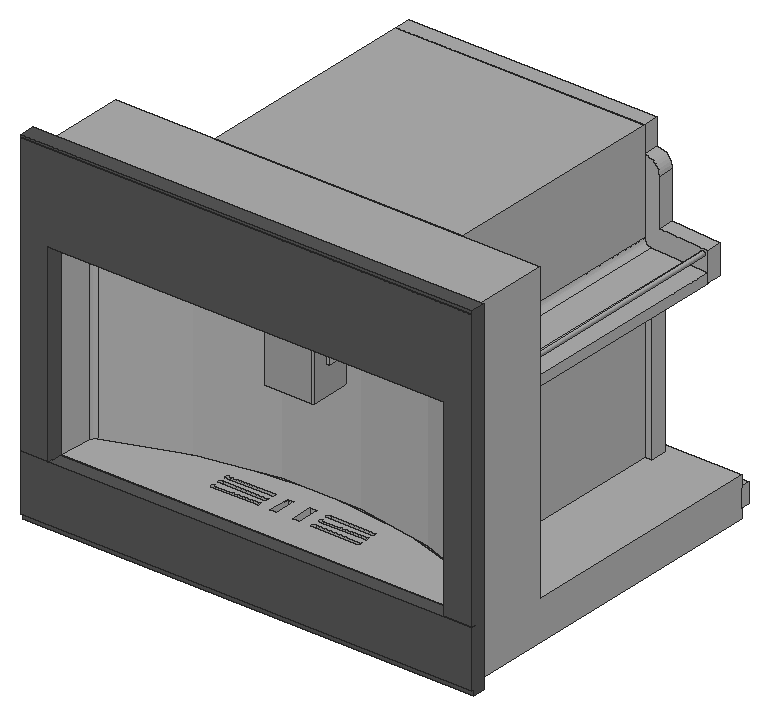
Revit family "Family-EB60MSB1-EB60MSG1", category Generic Models, Revit 2020
Family settings
  Can host rebar = No
  Round Connector Dimension = Use Diameter
  Part Type = Normal
  Work Plane-Based = No
  Always vertical = Yes
  Cut with Voids When Loaded = No
  Shared = No
  Room Calculation Point = No
Parameters (values of type "EB60MSB1")
  URL = "www.fisherpaykel.com"
  Product - width = 596 mm  # constant formula
  Product - Overall width = 596 mm  # constant formula
  Product - Overall height = 458 mm  # constant formula
  Product - Overall depth = 480 mm  # constant formula
  Model = "EB60MSB1"
  Manufacturer = "Fisher & Paykel Appliances"
  Material - Glass = Fisher & Paykel - Glass, Black
  Description = "Built-in Coffee Maker, 30cm"
  Default Elevation = 0 mm
  Connector Note = "220-240 V, 50Hz, 20 A"
  Chassis - width = 560 mm  # constant formula
  Chassis - Height = 445 mm  # constant formula
  Chassis - Depth = 460 mm  # constant formula
  Material - Chassis = Fisher & Paykel - Aluminium
  Cavity - minimum width = 560 mm  # constant formula
  Cavity - minimum height = 450 mm  # constant formula
  Cavity - minimum depth = 545 mm  # constant formula
Types (3, lengths in mm): name | Model | Material - Glass
  (no name) | "EB60MSB1" | Fisher & Paykel - Glass, Black
  EB60MSB1 | "EB60MSB1" | Fisher & Paykel - Glass, Black
  EB60MSG1 | "EB60MSG1" | Fisher & Paykel - Glass, Grey
Reference planes
  plane 1 "Center (Front/Back)": y = 0
  plane 2: z = 0
  plane 3 "Center (Left/Right)": x = 0
  plane 4 "Product - Overall depth ( excludes front metal rim)": y = 460
  plane 5 "Chassis LHS": x = -280
  plane 6 "Chassis RHS": x = 280
  plane 7 "Product - Overall height": z = 458
  plane 8 "Chassis - Depth": y = 460
  plane 9: x = 298
  plane 10: x = -298
  plane 11 "Chassis - Height": z = 445
  plane 12 "Cavity - minimum height": z = 450
  plane 13 "Cavity - minimum depth": y = 545
  plane 14: x = -280
  plane 15: x = 280
  plane 16: y = 415.81
  plane 17: z = 82.85
  plane 18: z = 337.8
  plane 19: z = 223.8
  plane 20: y = 105.99
  plane 21: y = 436.81
  plane 22: y = -20
Forms (mm)
  Extrusion 1, solid, material "Fisher & Paykel - Aluminium" <- "Material - Chassis"
    sketch origin (280, 320, 1200) x (0, -1, 0) y (0, 0, -1)
      loop
        line (203.99, 1148.1) -> (203.99, 755) -> (320, 755) -> (320, 1200) -> (-130.02, 1200) -> (-130.02, 1148.1) -> (203.99, 1148.1)
    from 0 to -560
  Extrusion 2, solid, material "Fisher & Paykel - Aluminium" <- "Material - Chassis"
    sketch origin (280, 320, 1200) x (0, -1, 0) y (0, 0, -1)
      loop
        line (-130.02, 1161.04) -> (-130.02, 1187.1) -> (-140, 1187.1) -> (-140, 1161.04) -> (-130.02, 1161.04)
    from 0 to -560
  Extrusion 3, void
    sketch origin (0, 0, 0) x (1, 0, 0) y (0, 1, 0)
      loop
        line (280, 0) -> (280, 545) -> (-280, 545) -> (-280, 0) -> (280, 0)
    from 0 to 450
  Extrusion 4, solid, material "Fisher & Paykel - Aluminium" <- "Material - Chassis"
    sketch origin (-240, 415.81, 1200) x (1, 0, 0) y (0, 0, 1)
      loop
        line (418, -755) -> (89.977, -755) -> (89.977, -789.634)
        arc (89.977, -789.634) -> (75.851, -795.486) -> (70, -809.611) r 19.977
        line (70, -809.611) -> (70, -870.442) -> (-21.967, -874.057) -> (-21.967, -912.701) -> (70, -916.301) -> (70, -1148.1) -> (120, -1148.1) -> (120, -797.462) -> (385.224, -797.462) -> (385.224, -1148.1) -> (428.072, -1148.1) -> (428.072, -916.301) -> (501.48, -913.095) -> (501.48, -874.451) -> (437.977, -870.586) -> (437.977, -809.2)
        arc (437.977, -809.2) -> (432.126, -795.074) -> (418, -789.223) r 19.977
        line (418, -789.223) -> (418, -755)
    from 0 to -21
  Extrusion 5, solid, material "Fisher & Paykel - Aluminium" <- "Material - Chassis"
    sketch origin (0, 0, 0) x (1, 0, 0) y (0, 1, 0)
      loop
        line (-150, 415.81) -> (-150, 116.01) -> (178, 116.01) -> (178, 415.81) -> (-150, 415.81)
    from 0 to 445
  Extrusion 6, solid, material "Fisher & Paykel - Aluminium" <- "Material - Chassis"
    sketch origin (280, 116.01, 51.9) x (0, 0, 1) y (1, 0, 0)
      loop
        line (248.347, -541.967) -> (251.508, -439.689)
        arc (251.508, -439.689) -> (254.542, -432.82) -> (261.502, -430) r 9.998
        line (261.502, -430) -> (221.348, -430)
        arc (221.348, -430) -> (228.278, -432.791) -> (231.34, -439.606) r 10
        line (231.34, -439.606) -> (235.385, -541.967) -> (248.347, -541.967)
      loop
        line (247.956, -18.52) -> (234.952, -18.52) -> (231.725, -92.436)
        arc (231.725, -92.436) -> (228.924, -99.199) -> (222.162, -102) r 9.563
        line (222.162, -102) -> (260.744, -102)
        arc (260.744, -102) -> (254.283, -99.487) -> (251.217, -93.269) r 9.564
        line (251.217, -93.269) -> (247.956, -18.52)
      loop
        circle (268.37, -535.488) r 2.947
      loop
        circle (267.958, -24.512) r 2.947
    from 0 to 299.8
  Extrusion 7, solid, material "Fisher & Paykel - Glass, Black" <- "Material - Glass"
    sketch origin (-298, -6.5, 1200) x (0, 1, 0) y (0, 0, -1)
      loop
        line (6.5, 741.968) -> (6.5, 1199) -> (-9.5, 1199) -> (-9.5, 1191) -> (-13.5, 1191) -> (-13.5, 1117.15) -> (-6.5, 1117.15) -> (-6.5, 1116.1) -> (-13.5, 1116.1) -> (-13.5, 745.801)
        arc (-13.5, 745.801) -> (-12.688, 745.211) -> (-11.707, 745) r 2.426
        line (-11.707, 745) -> (-13.5, 745) -> (-13.5, 741.968) -> (6.5, 741.968)
    from 0 to -596
  Extrusion 8, void
    sketch origin (-250, -1524, 82.85) x (0, -1, 0) y (-1, 0, 0)
      loop
        line (-1567.308, -508.097) -> (-1524, -510.211) -> (-1507.85, -511) -> (-1504, -511) -> (-1504, 11) -> (-1507.85, 11) -> (-1524, 10.211) -> (-1567.308, 8.097)
        arc (-1567.308, 8.097) -> (-1571.875, 6.578) -> (-1574.994, 2.912) r 8.947
        arc (-1574.994, 2.912) -> (-1630.581, -250) -> (-1574.994, -502.912) r 603.141
        arc (-1574.994, -502.912) -> (-1571.875, -506.578) -> (-1567.308, -508.097) r 8.947
    from 0 to -228.95
  Extrusion 9, solid, material "Default"
    sketch origin (-20, -1524, 223.8) x (0, -1, 0) y (-1, 0, 0)
      loop
        line (-1629.99, -53) -> (-1576.8, -53)
        arc (-1576.8, -53) -> (-1575.386, -52.414) -> (-1574.8, -51) r 2
        line (-1574.8, -51) -> (-1574.8, 10.993)
        arc (-1574.8, 10.993) -> (-1575.388, 12.412) -> (-1576.807, 13) r 2.007
        line (-1576.807, 13) -> (-1629.99, 13) -> (-1629.99, -53)
    from -99.7 to 0
  Extrusion 10, solid, material "Default"
    sketch origin (33, 105.99, 1200) x (-1, 0, 0) y (0, 0, 1)
      loop
        line (-30.15, -896.765) -> (-30.15, -912.089)
        arc (-30.15, -912.089) -> (-22.35, -919.89) -> (-14.549, -912.089) r 7.801
        line (-14.549, -912.089) -> (-14.549, -896.465) -> (-12.9, -896.465) -> (-12.9, -888.2) -> (-40.436, -888.2) -> (-40.436, -896.765) -> (-30.15, -896.765)
    from -44.98 to 0
  Extrusion 11, solid, material "Fisher & Paykel - Aluminium" <- "Material - Chassis"
    sketch origin (33, 61.01, 1200) x (1, 0, 0) y (0, 0, 1)
      loop
        line (24.047, -919.703) -> (24.047, -887.115) -> (20.653, -887.115) -> (20.653, -919.703)
        arc (20.653, -919.703) -> (22.35, -919.89) -> (24.047, -919.703) r 7.801
    from 0 to 13.5
  Extrusion 12, solid
    sketch origin (-150, 415.81, 0) x (1, 0, 0) y (0, 0, -1)
      loop
        line (265.224, -131.056) -> (265.224, -76.056) -> (225.224, -76.056) -> (225.224, -131.056) -> (265.224, -131.056)
    from 0 to 1.19
  Extrusion 13, solid
    sketch origin (-150, 415.81, 0) x (1, 0, 0) y (0, 0, -1)
      loop
        line (257.224, -123.056) -> (257.224, -84.056) -> (233.224, -84.056) -> (233.224, -123.056) -> (257.224, -123.056)
    from 1.19 to 21
  Extrusion 14, solid
    sketch origin (107.224, 415.81, 123.056) x (-1, 0, 0) y (0, -1, 0)
      loop
        circle (11.367, -15) r 5
    from 0 to 19.944
  Extrusion 15, void
    sketch origin (-261, -1524, 337.8) x (0, -1, 0) y (-1, 0, 0)
      loop
        arc (-1581.3, -499.786) -> (-1578.192, -506.869) -> (-1574.994, -513.912) r 603.141
        arc (-1574.994, -513.912) -> (-1571.875, -517.578) -> (-1567.308, -519.097) r 8.947
        line (-1567.308, -519.097) -> (-1524, -521.211) -> (-1504, -522.188) -> (-1504, 0.188) -> (-1524, -0.789) -> (-1567.308, -2.903)
        arc (-1567.308, -2.903) -> (-1571.875, -4.422) -> (-1574.994, -8.088) r 8.947
        arc (-1574.994, -8.088) -> (-1578.192, -15.131) -> (-1581.3, -22.214) r 603.141
        line (-1581.3, -22.214) -> (-1581.3, -499.786)
    from 0 to 255
  Extrusion 16, void
    sketch origin (-250, -1524, 82.85) x (0, -1, 0) y (-1, 0, 0)
      loop
        line (-1597.7, -286.788) -> (-1597.7, -346.162)
        arc (-1597.7, -346.162) -> (-1594.7, -349.162) -> (-1591.7, -346.162) r 3
        line (-1591.7, -346.162) -> (-1591.7, -286.788)
        arc (-1591.7, -286.788) -> (-1594.7, -283.788) -> (-1597.7, -286.788) r 3
      loop
        line (-1585.7, -286.788) -> (-1585.7, -346.162)
        arc (-1585.7, -346.162) -> (-1582.7, -349.162) -> (-1579.7, -346.162) r 3
        line (-1579.7, -346.162) -> (-1579.7, -286.788)
        arc (-1579.7, -286.788) -> (-1582.7, -283.788) -> (-1585.7, -286.788) r 3
      loop
        line (-1573.7, -286.788) -> (-1573.7, -346.162)
        arc (-1573.7, -346.162) -> (-1570.7, -349.162) -> (-1567.7, -346.162) r 3
        line (-1567.7, -346.162) -> (-1567.7, -286.788)
        arc (-1567.7, -286.788) -> (-1570.7, -283.788) -> (-1573.7, -286.788) r 3
      loop
        arc (-1597.7, -213.212) -> (-1594.7, -216.212) -> (-1591.7, -213.212) r 3
        line (-1591.7, -213.212) -> (-1591.7, -153.838)
        arc (-1591.7, -153.838) -> (-1594.7, -150.838) -> (-1597.7, -153.838) r 3
        line (-1597.7, -153.838) -> (-1597.7, -213.212)
      loop
        arc (-1585.7, -213.212) -> (-1582.7, -216.212) -> (-1579.7, -213.212) r 3
        line (-1579.7, -213.212) -> (-1579.7, -153.838)
        arc (-1579.7, -153.838) -> (-1582.7, -150.838) -> (-1585.7, -153.838) r 3
        line (-1585.7, -153.838) -> (-1585.7, -213.212)
      loop
        arc (-1573.7, -213.212) -> (-1570.7, -216.212) -> (-1567.7, -213.212) r 3
        line (-1567.7, -213.212) -> (-1567.7, -153.838)
        arc (-1567.7, -153.838) -> (-1570.7, -150.838) -> (-1573.7, -153.838) r 3
        line (-1573.7, -153.838) -> (-1573.7, -213.212)
      loop
        line (-1597.102, -230.51) -> (-1597.102, -239.51) -> (-1568.102, -239.51) -> (-1568.102, -230.51) -> (-1597.102, -230.51)
      loop
        line (-1597.102, -260.49) -> (-1597.102, -269.49) -> (-1568.102, -269.49) -> (-1568.102, -260.49) -> (-1597.102, -260.49)
    from 0 to 9.95
Cuts and joins
  joined: Extrusion 5, Extrusion 11
  Extrusion 8, Extrusion 15 cuts Extrusion 7
  Extrusion 8, Extrusion 15, Extrusion 16 cuts Extrusion 1
Dimensions and locks
  equal spacing: plane 5 "Chassis LHS", plane 3 "Center (Left/Right)", plane 6 "Chassis RHS", locked at 280 each
  "Chassis - width": plane 5 "Chassis LHS" to plane 6 "Chassis RHS"
  "Product - Overall height": plane 7 "Product - Overall height" to level
  "Product - Overall depth": plane 22 to plane 4 "Product - Overall depth ( excludes front metal rim)"
  "Chassis - Depth": plane 8 "Chassis - Depth" to plane 1 "Center (Front/Back)"
  "Product - Overall width": plane 10 to plane 9
  "Chassis - Height": plane 11 "Chassis - Height" to level
  "Cavity - minimum height": plane 12 "Cavity - minimum height" to level
  "Cavity - minimum depth": plane 13 "Cavity - minimum depth" to plane 1 "Center (Front/Back)"
  "Cavity - minimum width": plane 14 to plane 15
  locked: plane 1 "Center (Front/Back)" to plane 21 at 436.81
  aligned and locked: level to plane 2
  aligned and locked: Extrusion 1 sketch curve to level
  aligned and locked: Extrusion 1 sketch curve to plane 1 "Center (Front/Back)"
  aligned and locked: plane 5 "Chassis LHS" to Extrusion 1
  aligned and locked: Extrusion 1 to Extrusion 2 sketch curve
  aligned and locked: Extrusion 2 sketch curve to plane 8 "Chassis - Depth"
  aligned and locked: plane 5 "Chassis LHS" to Extrusion 2
  aligned and locked: Extrusion 3 sketch curve to plane 1 "Center (Front/Back)"
  aligned and locked: Extrusion 3 sketch curve to plane 13 "Cavity - minimum depth"
  aligned and locked: Extrusion 3 sketch curve to plane 15
  aligned and locked: Extrusion 3 sketch curve to plane 14
  aligned and locked: plane 12 "Cavity - minimum height" to Extrusion 3
  aligned and locked: Extrusion 1 to Extrusion 5 sketch curve
  aligned and locked: Extrusion 4 to Extrusion 5 sketch curve
  aligned and locked: Extrusion 5 to Extrusion 1
  aligned and locked: Extrusion 1 to Extrusion 5
  aligned and locked: Extrusion 5 to Extrusion 6 sketch curve  (x2)
  aligned and locked: Extrusion 6 to Extrusion 1
  aligned and locked: Extrusion 7 sketch curve to plane 1 "Center (Front/Back)"
  aligned and locked: Extrusion 7 to Extrusion 8 sketch curve
  aligned and locked: Extrusion 10 to Extrusion 9
  aligned and locked: Extrusion 11 sketch curve to Extrusion 10
  aligned and locked: Extrusion 15 sketch curve to cut or joined group of Extrusion 7, Extrusion 8, Extrusion 15
  aligned and locked: cut or joined group of Extrusion 7, Extrusion 8, Extrusion 15 to Extrusion 15 sketch curve
  aligned and locked: plane 9 to Extrusion 7
  aligned and locked: plane 10 to Extrusion 7
  aligned and locked: Extrusion 6 to plane 16
  aligned and locked: Extrusion 4 to Extrusion 6
  aligned and locked: Extrusion 4 to Extrusion 13
  aligned and locked: Extrusion 4 to plane 21
  aligned and locked: Extrusion 4 to cut or joined group of Extrusion 5, Extrusion 11
  aligned and locked: Extrusion 2 to plane 4 "Product - Overall depth ( excludes front metal rim)"
Automatic sketch dimensions
  level to Extrusion 4 sketch curve = 51.9 mm
  Extrusion 4 sketch curve to Extrusion 4 sketch curve = 12.149 mm
  Extrusion 4 sketch curve to Extrusion 4 sketch curve = 11.738 mm
  Extrusion 1 to Extrusion 6 sketch curve = 92.436 mm
  Extrusion 1 to Extrusion 6 sketch curve = 120.394 mm
  Extrusion 6 sketch curve to Extrusion 6 sketch curve = 9.563 mm
  Extrusion 6 sketch curve to Extrusion 6 sketch curve = 9.992 mm
  Extrusion 1 to Extrusion 6 sketch curve = 93.269 mm
  Extrusion 1 to Extrusion 6 sketch curve = 120.311 mm
  Extrusion 6 sketch curve to Extrusion 6 sketch curve = 9.528 mm
  Extrusion 6 sketch curve to Extrusion 6 sketch curve = 9.993 mm
  Extrusion 6 sketch curve to Extrusion 6 sketch curve = 20.001 mm
  Extrusion 6 sketch curve to Extrusion 6 sketch curve = 20.023 mm
  Extrusion 6 sketch curve to Extrusion 6 sketch curve = 6.478 mm
  Extrusion 6 sketch curve to Extrusion 6 sketch curve = 0.395 mm
  Extrusion 6 sketch curve to Extrusion 6 sketch curve = 9.998 mm
  Extrusion 6 sketch curve to Extrusion 6 sketch curve = 5.992 mm
  Extrusion 6 sketch curve to Extrusion 6 sketch curve = 0 mm  (x3)
  Extrusion 7 sketch curve to Extrusion 7 sketch curve = 1.801 mm
  Extrusion 7 sketch curve to Extrusion 7 sketch curve = 1.793 mm  (x2)
  Extrusion 7 sketch curve to Extrusion 7 sketch curve = 0.801 mm
  Extrusion 7 sketch curve to plane 7 "Product - Overall height" = 0.032 mm
  Extrusion 9 sketch curve to Extrusion 9 sketch curve = 2.007 mm
  Extrusion 9 sketch curve to Extrusion 9 sketch curve = 2 mm
  Extrusion 10 sketch curve to Extrusion 10 sketch curve = 15.324 mm
  Extrusion 14 sketch curve to Extrusion 13 = 11.367 mm
  Extrusion 13 to Extrusion 14 sketch curve = 6 mm
  plane 11 "Chassis - Height" to Extrusion 1 sketch curve = 0 mm
  Extrusion 1 sketch curve to plane 20 = 10.02 mm
  plane 8 "Chassis - Depth" to Extrusion 1 sketch curve = 9.98 mm
  Extrusion 1 sketch curve to plane 17 = 30.95 mm
  Extrusion 2 sketch curve to level = 12.9 mm
  Extrusion 2 sketch curve to Extrusion 2 sketch curve = 26.06 mm
  Extrusion 4 sketch curve to plane 11 "Chassis - Height" = 0 mm
  Extrusion 4 sketch curve to plane 5 "Chassis LHS" = 18.033 mm
  Extrusion 4 sketch curve to Extrusion 4 sketch curve = 91.967 mm
  Extrusion 4 sketch curve to Extrusion 4 sketch curve = 0 mm
  Extrusion 4 sketch curve to Extrusion 4 sketch curve = 19.977 mm
  Extrusion 4 sketch curve to Extrusion 4 sketch curve = 30.023 mm
  plane 17 to Extrusion 4 sketch curve = 30.95 mm
  Extrusion 4 sketch curve to plane 6 "Chassis RHS" = 134.776 mm
  Extrusion 4 sketch curve to Extrusion 4 sketch curve = 32.776 mm
  Extrusion 4 sketch curve to Extrusion 4 sketch curve = 42.848 mm
  plane 18 to Extrusion 4 sketch curve = 8.386 mm
  Extrusion 4 sketch curve to Extrusion 4 sketch curve = 9.905 mm
  Extrusion 4 sketch curve to plane 6 "Chassis RHS" = 18.52 mm
  plane 18 to Extrusion 4 sketch curve = 54.101 mm
  Extrusion 4 sketch curve to Extrusion 4 sketch curve = 45.715 mm
  plane 18 to Extrusion 4 sketch curve = 50.895 mm
  plane 18 to Extrusion 4 sketch curve = 50.501 mm
  plane 18 to Extrusion 4 sketch curve = 12.251 mm
  plane 18 to Extrusion 4 sketch curve = 11.857 mm
  plane 18 to Extrusion 4 sketch curve = 8.242 mm
  Extrusion 4 sketch curve to plane 18 = 52.589 mm
  Extrusion 5 sketch curve to plane 5 "Chassis LHS" = 130 mm
  Extrusion 5 sketch curve to plane 6 "Chassis RHS" = 102 mm
  Extrusion 6 sketch curve to Extrusion 1 = 171.752 mm
  Extrusion 6 sketch curve to Extrusion 1 = 170.938 mm
  Extrusion 1 to Extrusion 6 sketch curve = 18.52 mm
  Extrusion 6 sketch curve to Extrusion 6 sketch curve = 3.227 mm
  Extrusion 1 to Extrusion 6 sketch curve = 18.033 mm
  Extrusion 6 sketch curve to Extrusion 6 sketch curve = 4.045 mm
  Extrusion 6 sketch curve to Extrusion 6 sketch curve = 13.004 mm
  Extrusion 6 sketch curve to Extrusion 6 sketch curve = 12.962 mm
  Extrusion 6 sketch curve to Extrusion 6 sketch curve = 19.492 mm
  Extrusion 6 sketch curve to Extrusion 6 sketch curve = 20.168 mm
  plane 17 to Extrusion 7 sketch curve = 0 mm
  plane 17 to Extrusion 7 sketch curve = 1.05 mm
  Extrusion 7 sketch curve to plane 1 "Center (Front/Back)" = 13 mm
  Extrusion 7 sketch curve to plane 1 "Center (Front/Back)" = 16 mm
  Extrusion 7 sketch curve to plane 12 "Cavity - minimum height" = 2.574 mm
  Extrusion 7 sketch curve to plane 1 "Center (Front/Back)" = 18.199 mm
  Extrusion 7 sketch curve to Extrusion 7 sketch curve = 0 mm
  Extrusion 7 sketch curve to level = 9 mm
  Extrusion 7 sketch curve to level = 1 mm
  Extrusion 9 sketch curve to plane 20 = 0 mm
  Extrusion 9 sketch curve to plane 1 "Center (Front/Back)" = 52.807 mm
  Extrusion 9 sketch curve to plane 3 "Center (Left/Right)" = 33 mm
  plane 3 "Center (Left/Right)" to Extrusion 9 sketch curve = 31 mm
  plane 3 "Center (Left/Right)" to Extrusion 10 sketch curve = 73.436 mm
  Extrusion 10 sketch curve to Extrusion 10 sketch curve = 10.286 mm
  Extrusion 10 sketch curve to Extrusion 10 sketch curve = 7.801 mm
  Extrusion 10 sketch curve to Extrusion 10 sketch curve = 1.649 mm
  Extrusion 10 sketch curve to Extrusion 10 sketch curve = 8.265 mm
  Extrusion 10 sketch curve to Extrusion 10 sketch curve = 8.565 mm
  Extrusion 10 to Extrusion 11 sketch curve = 1.085 mm
  Extrusion 11 sketch curve to Extrusion 10 = 6.104 mm
  Extrusion 11 sketch curve to Extrusion 11 sketch curve = 3.394 mm
  Extrusion 5 to Extrusion 12 sketch curve = 102.776 mm
  Extrusion 12 sketch curve to Extrusion 12 sketch curve = 40 mm
  Extrusion 5 to Extrusion 12 sketch curve = 131.056 mm
  Extrusion 12 sketch curve to Extrusion 12 sketch curve = 55 mm
  Extrusion 5 to Extrusion 13 sketch curve = 94.776 mm
  Extrusion 13 sketch curve to Extrusion 13 sketch curve = 24 mm
  Extrusion 5 to Extrusion 13 sketch curve = 123.056 mm
  Extrusion 13 sketch curve to Extrusion 13 sketch curve = 39 mm
  plane 1 "Center (Front/Back)" to Extrusion 8 sketch curve = 0 mm  (x2)
  Extrusion 8 sketch curve to plane 3 "Center (Left/Right)" = 0 mm
  Extrusion 8 sketch curve to plane 1 "Center (Front/Back)" = 42.872 mm  (x2)
  Extrusion 8 sketch curve to plane 5 "Chassis LHS" = 21.903 mm
  Extrusion 8 sketch curve to Extrusion 8 sketch curve = 0.436 mm  (x2)
  Extrusion 8 sketch curve to plane 6 "Chassis RHS" = 21.903 mm
  Extrusion 8 sketch curve to Extrusion 8 sketch curve = 3.85 mm  (x2)
  plane 1 "Center (Front/Back)" to Extrusion 8 sketch curve = 496.559 mm
  Extrusion 8 sketch curve to plane 5 "Chassis LHS" = 19.789 mm
  Extrusion 8 sketch curve to plane 5 "Chassis LHS" = 19 mm
  Extrusion 8 sketch curve to Extrusion 8 sketch curve = 8.936 mm  (x2)
  Extrusion 8 sketch curve to plane 6 "Chassis RHS" = 19.789 mm
  Extrusion 8 sketch curve to plane 6 "Chassis RHS" = 19 mm
  Extrusion 8 sketch curve to Extrusion 8 sketch curve = 0 mm
  Extrusion 15 sketch curve to Extrusion 15 sketch curve = 0 mm  (x4)
  plane 1 "Center (Front/Back)" to Extrusion 15 sketch curve = 0 mm  (x2)
  Extrusion 15 sketch curve to plane 5 "Chassis LHS" = 41.214 mm
  Extrusion 15 sketch curve to Extrusion 15 sketch curve = 6.306 mm
  Extrusion 15 sketch curve to Extrusion 15 sketch curve = 13.992 mm
  Extrusion 15 sketch curve to plane 6 "Chassis RHS" = 21.903 mm
  Extrusion 15 sketch curve to Extrusion 15 sketch curve = 0.436 mm  (x2)
  Extrusion 15 sketch curve to plane 5 "Chassis LHS" = 19.789 mm
  Extrusion 15 sketch curve to plane 5 "Chassis LHS" = 21.903 mm
  Extrusion 15 sketch curve to Extrusion 15 sketch curve = 8.936 mm
  Extrusion 15 sketch curve to Extrusion 15 sketch curve = 14.127 mm
  Extrusion 15 sketch curve to plane 5 "Chassis LHS" = 18.812 mm
  Extrusion 16 sketch curve to Extrusion 16 sketch curve = 3 mm  (x6)
  Extrusion 16 sketch curve to Extrusion 16 sketch curve = 6 mm  (x4)
  Extrusion 16 sketch curve to plane 3 "Center (Left/Right)" = 96.162 mm
  Extrusion 16 sketch curve to Extrusion 16 sketch curve = 0 mm  (x8)
  plane 3 "Center (Left/Right)" to Extrusion 16 sketch curve = 36.788 mm
  Extrusion 16 sketch curve to Extrusion 16 sketch curve = 59.375 mm
  Extrusion 16 sketch curve to Extrusion 16 sketch curve = 17.298 mm
  Extrusion 16 sketch curve to Extrusion 16 sketch curve = 0.402 mm  (x2)
  Extrusion 16 sketch curve to plane 20 = 32.29 mm  (x2)
  Extrusion 16 sketch curve to plane 3 "Center (Left/Right)" = 10.49 mm
  Extrusion 16 sketch curve to Extrusion 16 sketch curve = 0.598 mm  (x2)
  Extrusion 16 sketch curve to Extrusion 16 sketch curve = 26.298 mm
  plane 3 "Center (Left/Right)" to Extrusion 16 sketch curve = 10.49 mm
  Extrusion 16 sketch curve to Extrusion 16 sketch curve = 9 mm
  plane 18 to Extrusion 10 sketch curve = 49.889 mm
  Extrusion 15 sketch curve to plane 3 "Center (Left/Right)" = 0 mm
  Extrusion 15 sketch curve to plane 1 "Center (Front/Back)" = 42.872 mm  (x2)
  Extrusion 15 sketch curve to plane 6 "Chassis RHS" = 41.214 mm
  Extrusion 15 sketch curve to Extrusion 15 sketch curve = 14.429 mm
  radius of Extrusion 6 sketch curve = 2.947 mm  (x2)
  radius of Extrusion 14 sketch curve = 5 mm
Connectors
  electrical at (95.857, 430.81, 143), driven by "Connector Note"
    settings: on Extrusion 14, index 1, voltage 0 V, apparent load 0 VA, apparent load phase1 0 VA, apparent load phase2 0 VA, apparent load phase3 0 VA, power factor 1, load classification "Other", number of poles 1, system type 31, power factor state 1, is connector primary yes, connector utility no, sub classification motor no, connector description "220-240 V, 50Hz, 20 A"
